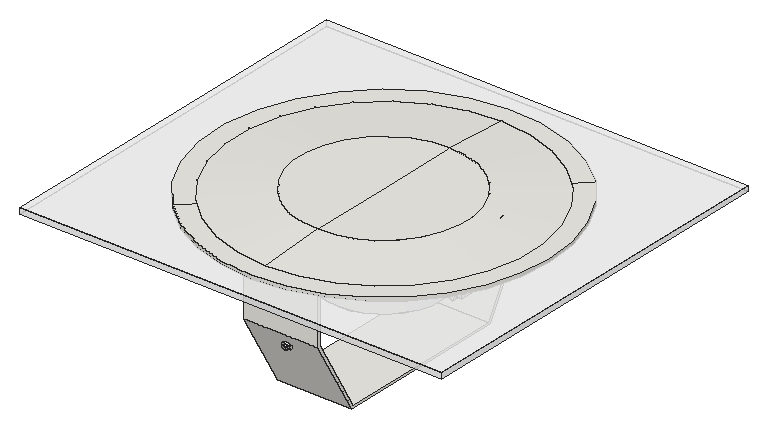
Revit family "PC-1869EN", category Communication Devices, host Face, Revit 2016
Family settings
  Host = Face
  Maintain Annotation Orientation = No
  Part Type = Normal
  Round Connector Dimension = Use Diameter
  OmniClass Number = 23.85.10.11.14
  OmniClass Title = Audio Equipment
  Cut with Voids When Loaded = Yes
  Shared = No
  Room Calculation Point = No
Parameters (values of type "PC- 1869EN")
  r1 = Diameter / 2.5  # 72 mm
  Weight = "820 g (1.81 lb)"
  URL = "http://toa.com.sg"
  Speaker Mounting Method = "Spring clamp"
  Speaker Component = "12 cm (5\") cone-type"
  Sensitivity = "94 dB (1 W, 1 m) (500 – 5,000 Hz, pink noise), 90 dB (1 W, 1 m) (100 – 10,000 Hz, pink noise), 78 dB (1 W, 4 m) (100 – 10,000 Hz, pink noise)"
  Rated Noise Power = "6 W (100 V line), 3 W (70 V line)"
  Rated Impedance = "100 V line: 1.7k Ω (6 W), 3.3k Ω (3 W), 6.7k Ω (1.5 W), 13k Ω (0.8 W), 70 V line: 1.7k Ω (3 W), 3.3k Ω (1.5 W) 6.7k Ω (0.8 W),13k Ω (0.4 W)"
  Radius = Diameter / 2  # 90 mm
  Operating Temperature = "–10° C to +50° C (14° F to 122° F)"
  Model Type = "Ceiling Mount Speakers"
  Model By = "BIMLIFE PTE LTD"  # constant formula
  Model = "PC-1869EN"
  Mesh = Mesh
  Maximum Sound Pressure Level = "98 dB (6 W, 1 m) (100 – 10,000 Hz, pink noise), 86 dB (6 W, 4 m) (100 – 10,000 Hz, pink noise)"
  Manufacturer = "TOA Electronics Pte Ltd"  # constant formula
  Supplier Tel = "+65 6835 9119"  # constant formula
  Supplier Fax = "+65 6835 9559"  # constant formula
  Supplier Address = "491B River Valley Road, #19-03/04 Valley Point Office Tower, Singapore 248373"  # constant formula
  Supplier = "TOA Electronics Pte Ltd"  # constant formula
  Suppiler Email = "http://toa.com.sg"  # constant formula
  Material = OFF-WHITE
  Frequency Response = "100 – 18,000 Hz"
  Finish = "Baffle: Steel plate, off-white (RAL 9010 or equivalent color), paint, Grille: Surface-treated steel plate net, off-white (RAL 9010 or equivalent color), paint"
  Environmental Type = "A (indoor applications)"
  Dimensions for fixing Hole = "Mounting hole: ø 150±3 mm (ø 5.91\"±0.12\"), Ceiling thickness: Max. 25 mm (0.98\")"
  Dimension = "ø 180 × 77.5 (D) mm (ø 7.09\" × 3.05\")"
  Diameter = 180 mm
  Default Elevation = 0 mm
  Coverage Angle = "Horizontal and Vertical: 165° (500 Hz), 175° (1,000 Hz), 165° (2,000 Hz), 70° (4,000 Hz)"
  Copyright To = "TOA Electronics Pte Ltd"  # constant formula
  Connection = "Screw connector (steatite terminal) can be bridge connection"
  Applicable Cable = "Conductor: Solid wire or 7-core wire, No bridge connection: 0.8 – 10 mm² (AWG 18 – AWG 7) for solid wire 0.8 – 8 mm² (AWG 18 – AWG 8) for 7-core wire, Bridge connection: 0.8 – 2.5 mm² (AWG 18 – AWG 13) for solid wire 0.8 – 1.5 mm² (AWG 18 – AWG 15) for 7-core wire"
Reference planes
  plane 1 "Center (Front/Back)": y = 0
  plane 2: z = 0
  plane 3 "Center (Left/Right)": x = 0
Forms (mm)
  Extrusion 1, solid, material "Surface"
    sketch origin (1.238, -13.929, 0) x (1, 0, 0) y (0, 1, 0)
      loop
        line (-115.316, 118.085) -> (-115.316, -89.567) -> (112.84, -89.567) -> (112.84, 118.085) -> (-115.316, 118.085)
    from 0 to -3
  Revolve 2, solid, material "OFF-WHITE" <- "Material"
    sketch origin (0, 0, 0) x (0.707107, 0.707107, 0) y (0, 0, 1)
      loop
        line (0, 1.8) -> (-90, 1.8) -> (-90, 0) -> (-53, 0)
        spline (-53, 0) -> (-50.088, -4.89) -> (-47.461, -8.624) -> (-45.056, -11.448) -> (-42.812, -13.607) -> (-40.666, -15.344) -> (-38.58, -16.857) -> (-36.56, -18.257) -> (-34.614, -19.652) -> (-32.753, -21.147) -> (-31.052, -22.924) -> (-29.725, -25.322) -> (-29, -28.696)
        line (-29, -28.696) -> (-29, -30.693) -> (0, -30.693) -> (0, 1.8)
      axis (0, 1.8) -> (0, -30.693)
    angle from 0 to 360
  Revolve 3, solid, material "Mesh" <- "Mesh"
    sketch origin (0, 0, 0) x (0, 1, 0) y (0, 0, 1)
      loop
        line (0, 1.8) -> (0, 4.2) -> (-45, 4.2)
        arc (-45, 4.2) -> (-62.541, 3.599) -> (-80, 1.8) r 256.408
        line (-80, 1.8) -> (0, 1.8)
      axis (0, 4.2) -> (0, 1.8)
    angle from 0 to 360
  Extrusion 4, solid, material "OFF-WHITE" <- "Material"
    sketch origin (-37.074, 0.305, -12.693) x (0.707107, -0.707107, 0) y (0.707107, 0.707107, 0)
      loop
        circle (26.431, 26) r 47
      loop
        arc (34.462, 80.411) -> (32.322, 81.544) -> (31.131, 83.653) r 4.31
        spline (31.131, 83.653) -> (30.933, 84.382) -> (30.688, 85.076) -> (30.399, 85.728) -> (30.07, 86.331) -> (29.702, 86.879) -> (29.3, 87.365) -> (28.869, 87.786) -> (28.412, 88.136) -> (27.935, 88.413) -> (27.443, 88.612) -> (26.939, 88.733) -> (26.431, 88.773)
        spline (26.431, 88.773) -> (25.922, 88.733) -> (25.419, 88.612) -> (24.926, 88.413) -> (24.449, 88.136) -> (23.993, 87.786) -> (23.561, 87.365) -> (23.16, 86.879) -> (22.792, 86.331) -> (22.462, 85.728) -> (22.173, 85.076) -> (21.929, 84.382) -> (21.731, 83.653)
        arc (21.731, 83.653) -> (20.54, 81.544) -> (18.4, 80.411) r 4.31
        arc (18.4, 80.411) -> (-12.46, 64.891) -> (-27.98, 34.031) r 55
        arc (-27.98, 34.031) -> (-29.113, 31.891) -> (-31.222, 30.7) r 4.31
        spline (-31.222, 30.7) -> (-31.951, 30.502) -> (-32.645, 30.257) -> (-33.297, 29.969) -> (-33.9, 29.639) -> (-34.448, 29.271) -> (-34.935, 28.87) -> (-35.355, 28.438) -> (-35.706, 27.982) -> (-35.982, 27.504) -> (-36.181, 27.012) -> (-36.302, 26.509) -> (-36.342, 26)
        spline (-36.342, 26) -> (-36.302, 25.491) -> (-36.181, 24.988) -> (-35.982, 24.496) -> (-35.706, 24.018) -> (-35.355, 23.562) -> (-34.935, 23.13) -> (-34.448, 22.729) -> (-33.9, 22.361) -> (-33.297, 22.031) -> (-32.645, 21.743) -> (-31.951, 21.498) -> (-31.222, 21.3)
        arc (-31.222, 21.3) -> (-29.113, 20.109) -> (-27.98, 17.969) r 4.31
        arc (-27.98, 17.969) -> (-12.46, -12.891) -> (18.4, -28.411) r 55
        arc (18.4, -28.411) -> (20.54, -29.544) -> (21.731, -31.653) r 4.31
        spline (21.731, -31.653) -> (21.929, -32.382) -> (22.173, -33.076) -> (22.462, -33.728) -> (22.792, -34.331) -> (23.16, -34.879) -> (23.561, -35.365) -> (23.993, -35.786) -> (24.449, -36.136) -> (24.926, -36.413) -> (25.419, -36.612) -> (25.922, -36.733) -> (26.431, -36.773)
        spline (26.431, -36.773) -> (26.939, -36.733) -> (27.443, -36.612) -> (27.935, -36.413) -> (28.412, -36.136) -> (28.869, -35.786) -> (29.3, -35.365) -> (29.702, -34.879) -> (30.07, -34.331) -> (30.399, -33.728) -> (30.688, -33.076) -> (30.933, -32.382) -> (31.131, -31.653)
        arc (31.131, -31.653) -> (32.322, -29.544) -> (34.462, -28.411) r 4.31
        arc (34.462, -28.411) -> (65.322, -12.891) -> (80.841, 17.969) r 55
        arc (80.841, 17.969) -> (81.975, 20.109) -> (84.083, 21.3) r 4.31
        spline (84.083, 21.3) -> (84.813, 21.498) -> (85.507, 21.743) -> (86.159, 22.031) -> (86.762, 22.361) -> (87.31, 22.729) -> (87.796, 23.13) -> (88.217, 23.562) -> (88.567, 24.018) -> (88.844, 24.496) -> (89.043, 24.988) -> (89.164, 25.491) -> (89.204, 26)
        spline (89.204, 26) -> (89.164, 26.509) -> (89.043, 27.012) -> (88.844, 27.504) -> (88.567, 27.982) -> (88.217, 28.438) -> (87.796, 28.87) -> (87.31, 29.271) -> (86.762, 29.639) -> (86.159, 29.969) -> (85.507, 30.257) -> (84.813, 30.502) -> (84.083, 30.7)
        arc (84.083, 30.7) -> (81.975, 31.891) -> (80.841, 34.031) r 4.31
        arc (80.841, 34.031) -> (65.322, 64.891) -> (34.462, 80.411) r 55
    from 4 to 2
  Extrusion 5, solid, material "OFF-WHITE" <- "Material"
    sketch origin (0, 0, 0) x (0, 1, 0) y (0, 0, 1)
      loop
        line (-22, -15.693) -> (22, -15.693) -> (22, -10.693) -> (21, -10.693) -> (21, -14.645) -> (-21, -14.645) -> (-21, -10.693) -> (-22, -10.693) -> (-22, -15.693)
    from 43 to 49
  Extrusion 6, solid, not visible
    sketch origin (43, 0, 0) x (0, -1, 0) y (0, 0, 1)
      loop
        line (-11, -15.693) -> (-11, -25.693) -> (12, -25.693) -> (12, -15.693) -> (-11, -15.693)
      loop
        circle (5.25, -20.693) r 2.5
      loop
        circle (0.5, -23.193) r 1.5
      loop
        circle (10, -23.193) r 1.5
      loop
        circle (0.5, -18.193) r 1.5
      loop
        circle (10, -18.193) r 1.5
      loop
        circle (-4.25, -20.693) r 2.5
      loop
        circle (-9, -23.193) r 1.5
      loop
        circle (-9, -18.193) r 1.5
    from -6 to -8.973
  Extrusion 7, solid, not visible
    sketch origin (43, 0, 0) x (0, -1, 0) y (0, 0, 1)
      loop
        line (-11, -15.693) -> (-11, -25.693) -> (12, -25.693) -> (12, -15.693) -> (-11, -15.693)
    from 0 to -6
  Extrusion 8, solid, material "OFF-WHITE" <- "Material"
    sketch origin (42.677, 11, -16.419) x (0.407143, 0, 0.913365) y (0.913365, 0, -0.407143)
      loop
        line (-9.206, 6) -> (-9.206, 0) -> (0.794, 0) -> (0.794, 6) -> (-9.206, 6)
    from 0 to -23
  Extrusion 9, solid, material "OFF-WHITE" <- "Material"
    sketch origin (44.409, 11, -27.27) x (0.407143, 0, 0.913365) y (0, -1, 0)
      loop
        line (0, 23) -> (0, 0) -> (10, 0) -> (10, 23) -> (0, 23)
      loop
        circle (7.5, 11.5) r 1.5
      loop
        circle (5, 16) r 2.597
      loop
        circle (7.5, 20.5) r 1.5
      loop
        circle (2.5, 11.5) r 1.5
      loop
        circle (2.5, 20.5) r 1.5
      loop
        circle (5, 7) r 2.597
      loop
        circle (7.5, 2.5) r 1.5
      loop
        circle (2.5, 2.5) r 1.5
    from 0 to 3
  Extrusion 10, solid, material "OFF-WHITE" <- "Material"
    sketch origin (0, 0, 0) x (0, -1, 0) y (0, 0, 1)
      loop
        line (-22, -15.693) -> (22, -15.693) -> (22, -10.693) -> (21, -10.693) -> (21, -14.645) -> (-21, -14.645) -> (-21, -10.693) -> (-22, -10.693) -> (-22, -15.693)
    from 43 to 49
  Extrusion 11, solid, material "OFF-WHITE" <- "Material"
    sketch origin (0, 23.5, -15.693) x (-1, 0, 0) y (0, 1, 0)
      loop
        line (43, -30.018) -> (44.5, -30.018) -> (44.5, -33.5) -> (50.181, -33.5) -> (50.181, -28.5) -> (55.026, -28.5) -> (55.026, -18.5) -> (50.181, -18.5) -> (50.181, -13.5) -> (44.5, -13.5) -> (44.5, -16.982) -> (43, -16.982) -> (43, -30.018)
    from 0 to 15
  Revolve 12, solid, material "OFF-WHITE" <- "Material"
    sketch origin (0, 0, 0) x (0.707107, 0.707107, 0) y (0, 0, 1)
      loop
        line (0, -40) -> (0, -39) -> (-29, -39) -> (-29, -28.696)
        spline (-29, -28.696) -> (-29.725, -25.322) -> (-31.052, -22.924) -> (-32.753, -21.147) -> (-34.614, -19.652) -> (-36.56, -18.257) -> (-38.58, -16.857) -> (-40.666, -15.344) -> (-42.812, -13.607) -> (-45.056, -11.448) -> (-47.461, -8.624) -> (-50.088, -4.89) -> (-53, 0)
        line (-53, 0) -> (-55, 0)
        spline (-55, 0) -> (-52.064, -4.067) -> (-49.419, -7.466) -> (-46.984, -10.303) -> (-44.681, -12.685) -> (-42.432, -14.717) -> (-40.157, -16.506) -> (-37.781, -18.159) -> (-35.371, -19.796) -> (-33.153, -21.552) -> (-31.361, -23.562) -> (-30.232, -25.964) -> (-30, -28.892)
        line (-30, -28.892) -> (-30, -29.892) -> (-31.463, -29.892) -> (-31.463, -39) -> (-30, -39) -> (-30, -40) -> (0, -40)
      axis (0, 0) -> (0, -40)
    angle from 0 to 360
  Extrusion 13, void
    sketch origin (0, 0, 0) x (0, -1, 0) y (1, 0, 0)
      loop
        arc (10.175, 33.488) -> (11.651, 33.613) -> (12.636, 34.718) r 2
        line (12.636, 34.718) -> (15.718, 43.185)
        arc (15.718, 43.185) -> (15.632, 44.753) -> (14.44, 45.776) r 2
        arc (14.44, 45.776) -> (0, 48) -> (-14.44, 45.776) r 48
        arc (-14.44, 45.776) -> (-15.632, 44.753) -> (-15.718, 43.185) r 2
        line (-15.718, 43.185) -> (-12.636, 34.718)
        arc (-12.636, 34.718) -> (-11.651, 33.613) -> (-10.175, 33.488) r 2
        arc (-10.175, 33.488) -> (0, 35) -> (10.175, 33.488) r 35
    from -28.491 to -5.706
  Extrusion 14, void
    sketch origin (0, 0, 0) x (0, -1, 0) y (1, 0, 0)
      loop
        arc (10.175, -33.488) -> (0, -35) -> (-10.175, -33.488) r 35
        arc (-10.175, -33.488) -> (-11.651, -33.613) -> (-12.636, -34.718) r 2
        line (-12.636, -34.718) -> (-15.718, -43.185)
        arc (-15.718, -43.185) -> (-15.632, -44.753) -> (-14.44, -45.776) r 2
        arc (-14.44, -45.776) -> (0, -48) -> (14.44, -45.776) r 48
        arc (14.44, -45.776) -> (15.632, -44.753) -> (15.718, -43.185) r 2
        line (15.718, -43.185) -> (12.636, -34.718)
        arc (12.636, -34.718) -> (11.651, -33.613) -> (10.175, -33.488) r 2
    from -28.491 to -5.706
  Extrusion 15, void
    sketch origin (0, 0, 0) x (-1, 0, 0) y (0, -1, 0)
      loop
        arc (10.175, -33.488) -> (0, -35) -> (-10.175, -33.488) r 35
        arc (-10.175, -33.488) -> (-11.651, -33.613) -> (-12.636, -34.718) r 2
        line (-12.636, -34.718) -> (-15.718, -43.185)
        arc (-15.718, -43.185) -> (-15.632, -44.753) -> (-14.44, -45.776) r 2
        arc (-14.44, -45.776) -> (0, -48) -> (14.44, -45.776) r 48
        arc (14.44, -45.776) -> (15.632, -44.753) -> (15.718, -43.185) r 2
        line (15.718, -43.185) -> (12.636, -34.718)
        arc (12.636, -34.718) -> (11.651, -33.613) -> (10.175, -33.488) r 2
    from -28.491 to -5.706
  Extrusion 16, void
    sketch origin (0, 0, 0) x (-1, 0, 0) y (0, -1, 0)
      loop
        arc (10.175, 33.488) -> (11.651, 33.613) -> (12.636, 34.718) r 2
        line (12.636, 34.718) -> (15.718, 43.185)
        arc (15.718, 43.185) -> (15.632, 44.753) -> (14.44, 45.776) r 2
        arc (14.44, 45.776) -> (0, 48) -> (-14.44, 45.776) r 48
        arc (-14.44, 45.776) -> (-15.632, 44.753) -> (-15.718, 43.185) r 2
        line (-15.718, 43.185) -> (-12.636, 34.718)
        arc (-12.636, 34.718) -> (-11.651, 33.613) -> (-10.175, 33.488) r 2
        arc (-10.175, 33.488) -> (0, 35) -> (10.175, 33.488) r 35
    from -28.491 to -5.706
  Extrusion 17, solid, material "OFF-WHITE" <- "Material"
    sketch origin (0, 0, 0) x (0, 1, 0) y (0, 0, 1)
      loop
        line (46.709, -75) -> (69.459, -35.597) -> (69.459, -3) -> (68.459, -3) -> (68.459, -35.329) -> (46.132, -74) -> (-46.132, -74) -> (-68.459, -35.329) -> (-68.459, -3) -> (-69.459, -3) -> (-69.459, -35.597) -> (-46.709, -75) -> (46.709, -75)
    from -20 to 20
  Extrusion 18, solid, material "OFF-WHITE" <- "Material"
    sketch origin (0, -48.656, -11.084) x (0, -0.390731, -0.920505) y (-1, 0, 0)
      loop
        arc (34.279, -2.536) -> (36.64, -0.091) -> (34.459, 2.517) r 2.542
        line (34.459, 2.517) -> (-0.424, 5) -> (-0.424, 3.997) -> (34.348, 1.522)
        arc (34.348, 1.522) -> (35.64, -0.07) -> (34.208, -1.538) r 1.542
        line (34.208, -1.538) -> (-0.424, -3.997) -> (-0.424, -5) -> (34.279, -2.536)
    from 0 to -1
  Extrusion 19, solid, material "OFF-WHITE" <- "Material"
    sketch origin (0, 48.656, -11.084) x (0, 0.390731, -0.920505) y (1, 0, 0)
      loop
        line (34.279, 2.536) -> (-0.424, 5) -> (-0.424, 3.997) -> (34.208, 1.538)
        arc (34.208, 1.538) -> (35.64, 0.07) -> (34.348, -1.522) r 1.542
        line (34.348, -1.522) -> (-0.424, -3.997) -> (-0.424, -5) -> (34.459, -2.517)
        arc (34.459, -2.517) -> (36.64, 0.091) -> (34.279, 2.536) r 2.542
    from 0 to -1
  Revolve 20, solid, material "OFF-WHITE" <- "Material"
    sketch origin (0, 0, 0) x (0, 1, 0) y (0, 0, 1)
      loop
        line (-66.861, -43.897) -> (-66.142, -45.141) -> (-57.42, -40.105) -> (-58.139, -38.861) -> (-66.861, -43.897)
      axis (-66.861, -43.897) -> (-58.139, -38.861)
    angle from 0 to 360
  Extrusion 21, solid, material "OFF-WHITE" <- "Material"
    sketch origin (0, -66.861, -43.897) x (-1, 0, 0) y (0, 0.5, -0.866025)
      loop
        line (-1.974, 1.656) -> (-2.421, -0.881) -> (-0.285, -2.674) -> (1.937, -1.865) -> (2.421, 0.881) -> (0.447, 2.538) -> (-1.974, 1.656)
    from -1 to -1.9
  Revolve 22, solid, material "OFF-WHITE" <- "Material"
    sketch origin (0, 0, 0) x (0, -1, 0) y (0, 0, 1)
      loop
        line (-66.861, -43.897) -> (-66.142, -45.141) -> (-57.42, -40.105) -> (-58.139, -38.861) -> (-66.861, -43.897)
      axis (-66.861, -43.897) -> (-58.139, -38.861)
    angle from 0 to 360
  Extrusion 23, solid, material "OFF-WHITE" <- "Material"
    sketch origin (0, 66.861, -43.897) x (0, -0.5, -0.866025) y (-1, 0, 0)
      loop
        line (1.656, -1.974) -> (2.538, 0.447) -> (0.881, 2.421) -> (-1.865, 1.937) -> (-2.674, -0.285) -> (-0.881, -2.421) -> (1.656, -1.974)
    from -1 to -1.9
Cuts and joins
  joined: Extrusion 8, Extrusion 9
  Extrusion 13 cuts Revolve 3
  Extrusion 13, Extrusion 14, Extrusion 15, Extrusion 16 cuts Revolve 12
  joined: Revolve 20, Extrusion 21
Dimensions and locks
  aligned and locked: plane 2 to Extrusion 1
  aligned and locked: level to Extrusion 1
